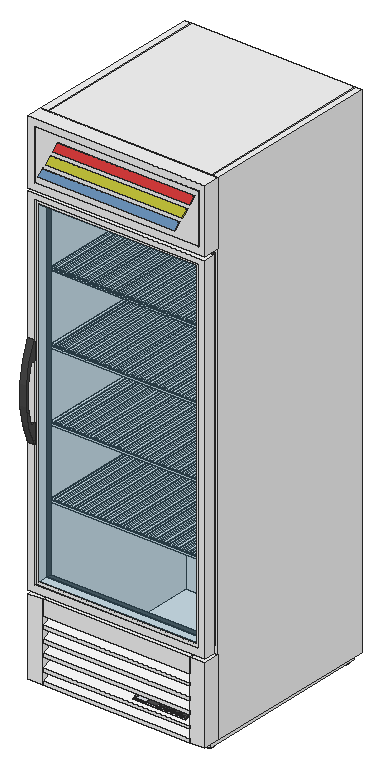
Revit family "QF_TRUE_GDM-23F-HC~TSL01", category Specialty Equipment, Revit 2016
Family settings
  Part Type = Normal
  Round Connector Dimension = Use Diameter
  Work Plane-Based = No
  Always vertical = Yes
  Cut with Voids When Loaded = No
  Shared = No
  Room Calculation Point = No
Parameters
  Weight in Pounds = 350
  Watts = Volts * FL Amps  # 1092.5 W
  Volts = 115 V
  URL Cutsheet = ""
  Specification by User = ""
  Specification by Manufacturer = ""
  Show Logo [instance] = yes
  Show Default Legs [instance] = if(or(Show 6 Inches Standard Legs, Show 2.5 Inches Castors), or(Show 4 Inches Castors, and(Show 6 Inches Standard Legs, Show 2.5 Inches Castors), and(Show 2.5 Inches Castors, Show 6 Inches Seismic Flanged Legs)), if(Show 4 Inches Castors, Show 6 Inches Seismic Flanged Legs, not(Show 6 Inches Seismic Flanged Legs)))  # yes
  Show Clearance [instance] = yes
  Show 6 Inches Standard Legs [instance] = no
  Show 6 Inches Seismic Flanged Legs [instance] = no
  Show 4 Inches Castors [instance] = no
  Show 2.5 Inches Castors [instance] = no
  Serial Number = ""
  Seismic Rating = ""
  SMACNA No = ""
  Revision Code = ""
  Phase = 1
  Number of Poles = 1
  NAFEM Spec ID Number = ""
  Model = "GDM-23F-HC-TSL01"
  Min Ckt Ampacity = 0 A
  Max Overcurrent Protection = 0 A
  Masterspec = ""
  Manufacturer = "TRUE"
  Length = 27"
  Item Number = ""
  Installed By = ""
  Identify Quantity as Lot = yes
  Height [instance] = Body Height + Base Height  # 78 5/8"
  HP = "1"
  Furnished By = ""
  Foodservice Equipment Identifier = yes
  FL Amps = 9.5 A
  Electrical Remarks = ""
  Electric Connection Type = ""
  Elec Conn RI Height = 0"
  Elec Conn Connection Height = 0"
  Description = "SWING DOOR FREEZER WITH HYDROCARBON REFRIGERANT-TRUE STANDARD LOOK VERSION 01"
  Depth = 29 7/8"
  Cycle = 60 Hz
  Conn Plug = "NEMA 5-15P"
  Conn Conduit = yes
  CSI MasterFormat = ""
  Materials and Finishes [instance] = QF_Plastic - Black - Smooth
  Body Height [instance] = 78 5/16"  # constant formula
  Base Height [instance] = if(Show Default Legs, 5/16", if(Show 2.5 Inches Castors, 2 1/2", if(Show 6 Inches Standard Legs, 6", if(Show 4 Inches Castors, 4", if(Show 6 Inches Seismic Flanged Legs, 6", 5" / 16)))))  # 5/16"
  Apparent Power = 0 VA
  6 Inches Standard Legs [instance] = and(Show 6 Inches Standard Legs, not(Show Default Legs))  # no
  6 Inches Seismic Flanged Legs [instance] = and(Show 6 Inches Seismic Flanged Legs, not(Show Default Legs))  # no
  4 Inches Castors [instance] = and(Show 4 Inches Castors, not(Show Default Legs))  # no
  2.5 Inches Castors [instance] = and(Show 2.5 Inches Castors, not(Show Default Legs))  # no
Reference planes (in)
  plane 1 "BACK": y = 0
  plane 2: z = 0
  plane 3 "LEFT": x = 0
  plane 4 "RIGHT": x = 27
  plane 5 "FRONT": y = -29.875
  plane 6 "TOP": z = 78.625
  plane 7 "Center Y": x = 13.5
  plane 8 "Center X": y = -14.9375
  plane 9: z = 0.3125
  plane 10: z = 1.6875
  plane 11: z = 1.6875
  plane 12: y = -54.75
  plane 13: y = -31.5
Dimensions and locks (in)
  equal spacing: plane 3 "LEFT", plane 7 "Center Y", plane 4 "RIGHT"
  "Length": plane 3 "LEFT" to plane 4 "RIGHT"
  equal spacing: plane 5 "FRONT", plane 8 "Center X", plane 1 "BACK"
  "Depth": plane 5 "FRONT" to plane 1 "BACK"
  "Body Height": plane 6 "TOP" to plane 9
  plane 4 "RIGHT" to plane 3 "LEFT" = 27"
  plane 5 "FRONT" to plane 1 "BACK" = 29 7/8"
  "Base Height": plane 9 to level
  plane 10 to plane 9 = 1 3/8"
  plane 12 to plane 1 "BACK" = 54 3/4"
  plane 1 "BACK" to plane 13 = 31 1/2"
  aligned and locked: level to plane 2
  aligned and locked: nested 3 to plane 9
Nested families (in)
  nested 1: "CASTER-LEGS" at (2.5, -2, 0), Show Siesmic Flanged <- "6 Inches Seismic Flanged Legs", Show 6 Inches Legs <- "6 Inches Standard Legs", Show 2.5 Casters <- "2.5 Inches Castors", Show 4" Casters <- "4 Inches Castors", type "CASTER-LEGS"
    with Type Mark "", Status "", Specification by User "", Show Siesmic Flanged no, Show 6" Casters no, Show 6 Inches Legs no, Show 5" Casters no, Show 4" Casters no, Show 2.5 Standard Legs no, Show 2.5 Casters no, Revision Code "", Low Profile yes, Item Number "", Installed By "", Identify Quantity as Lot yes, Furnished By "", Foodservice Equipment Identifier yes
  nested 2: "CASTER-LEGS" at (24.5, -2, 0), Show Siesmic Flanged <- "6 Inches Seismic Flanged Legs", Show 6 Inches Legs <- "6 Inches Standard Legs", Show 2.5 Casters <- "2.5 Inches Castors", Show 4" Casters <- "4 Inches Castors", type "CASTER-LEGS"
    with Type Mark "", Status "", Specification by User "", Show Siesmic Flanged no, Show 6" Casters no, Show 6 Inches Legs no, Show 5" Casters no, Show 4" Casters no, Show 2.5 Standard Legs no, Show 2.5 Casters no, Revision Code "", Low Profile yes, Item Number "", Installed By "", Identify Quantity as Lot yes, Furnished By "", Foodservice Equipment Identifier yes
  nested 3: "GDM-23F-HC-TSL01" at (0, 0, 0), Show Logo <- "Show Logo", Show Default Legs <- "Show Default Legs", Show Clearance <- "Show Clearance", type "GDM-23F-HC-TSL01"
    with Show Logo yes, Show Default Legs yes, Show Clearance yes
  nested 4: "CASTER-LEGS" at (2.5, -25.375, 0), Show Siesmic Flanged <- "6 Inches Seismic Flanged Legs", Show 6 Inches Legs <- "6 Inches Standard Legs", Show 2.5 Casters <- "2.5 Inches Castors", Show 4" Casters <- "4 Inches Castors", type "CASTER-LEGS"
    with Type Mark "", Status "", Specification by User "", Show Siesmic Flanged no, Show 6" Casters no, Show 6 Inches Legs no, Show 5" Casters no, Show 4" Casters no, Show 2.5 Standard Legs no, Show 2.5 Casters no, Revision Code "", Low Profile yes, Item Number "", Installed By "", Identify Quantity as Lot yes, Furnished By "", Foodservice Equipment Identifier yes
  nested 5: "CASTER-LEGS" at (24.5, -25.375, 0), Show Siesmic Flanged <- "6 Inches Seismic Flanged Legs", Show 6 Inches Legs <- "6 Inches Standard Legs", Show 2.5 Casters <- "2.5 Inches Castors", Show 4" Casters <- "4 Inches Castors", type "CASTER-LEGS"
    with Type Mark "", Status "", Specification by User "", Show Siesmic Flanged no, Show 6" Casters no, Show 6 Inches Legs no, Show 5" Casters no, Show 4" Casters no, Show 2.5 Standard Legs no, Show 2.5 Casters no, Revision Code "", Low Profile yes, Item Number "", Installed By "", Identify Quantity as Lot yes, Furnished By "", Foodservice Equipment Identifier yes
Connectors (in)
  electrical at (13.5, 0.125, 7.53489), driven by "Volts", driven by "Watts"
    settings: on nested 3, index 1, voltage 115 V, apparent load 1092.5 VA, apparent load phase1 0 VA, apparent load phase2 0 VA, apparent load phase3 0 VA, power factor 1, load classification "Other", number of poles 1, system type 30, power factor state 1, is connector primary yes, connector utility no, sub classification motor no, connector description "ELECTRICAL CONNECTION"
Definition of nested family "GDM-23F-HC-TSL01"
  Parameters (values of type "GDM-23F-HC-TSL01")
    Weight in Pounds = 0
    Watts = 0 W
    Volts = 0 V
    URL Cutsheet = ""
    Specification by User = ""
    Specification by Manufacturer = ""
    Show Logo [instance] = yes
    Show Default Legs [instance] = yes
    Show Clearance [instance] = yes
    Serial Number = ""
    Seismic Rating = ""
    SMACNA No = ""
    Revision Code = ""
    Phase = 0
    Number of Poles = 1
    NAFEM Spec ID Number = ""
    Model = ""
    Min Ckt Ampacity = 0 A
    Max Overcurrent Protection = 0 A
    Masterspec = ""
    Manufacturer = ""
    Length = 27"
    Item Number = ""
    Installed By = ""
    Identify Quantity as Lot = yes
    Height = 78 5/8"
    HP = ""
    Furnished By = ""
    Foodservice Equipment Identifier = yes
    FL Amps = 0 A
    Electrical Remarks = ""
    Electric Connection Type = ""
    Elec Conn RI Height = 0"
    Elec Conn Connection Height = 0"
    Description = ""
    Depth = 26 1/2"
    Cycle = 0 Hz
    Conn Plug = ""
    Conn Conduit = yes
    CSI MasterFormat = ""
    Body Finish = none
    Apparent Power = 0 VA
  Reference planes (in)
    plane 1 "BACK": y = 0
    plane 2: z = 0
    plane 3 "LEFT": x = 0
    plane 4 "RIGHT": x = 27
    plane 5 "FRONT": y = -26.5
    plane 6 "TOP": z = 78.625
    plane 7 "Center Y": x = 13.5
    plane 8 "Center X": y = -13.25
    plane 9: z = 0.3125
    plane 10: z = 1.6875
    plane 11: z = 1.6875
    plane 12: y = -31.5
    plane 13: y = -29.875
    plane 14: y = -1
    plane 15: y = -54.75
  Forms (in)
    Extrusion 1, solid, not visible
      sketch origin (-6.9261, -175.875, 34.16806) x (-1, 0, 0) y (0, -1, 0)
        loop
          line (-8.70735, -179.875) -> (-8.70735, -153.5) -> (-33.70735, -153.5) -> (-33.70735, -179.875) -> (-8.70735, -179.875)
        loop
          line (-8.95735, -179.625) -> (-8.95735, -153.75) -> (-33.45735, -153.75) -> (-33.45735, -179.625) -> (-8.95735, -179.625)
      from 0 to 0.25
    Extrusion 2, solid, not visible
      sketch origin (0.10937, 4.125, 7.68369) x (1, 0, 0) y (0, 0, 1)
        loop
          circle (10.17187, 26.73438) r 0.125
        loop
          circle (9.67187, 26.73438) r 0.125
        loop
          circle (9.17187, 26.73438) r 0.125
        loop
          circle (8.67187, 26.73438) r 0.125
        loop
          circle (8.17187, 26.73438) r 0.125
        loop
          circle (7.67187, 26.73438) r 0.125
        loop
          circle (7.17187, 26.73438) r 0.125
        loop
          circle (6.67187, 26.73438) r 0.125
        loop
          circle (6.17187, 26.73438) r 0.125
        loop
          circle (5.67187, 26.73438) r 0.125
        loop
          circle (5.17187, 26.73438) r 0.125
        loop
          circle (4.67187, 26.73438) r 0.125
        loop
          circle (4.17187, 26.73438) r 0.125
        loop
          circle (3.67187, 26.73438) r 0.125
        loop
          circle (3.17187, 26.73438) r 0.125
        loop
          circle (2.67187, 26.73438) r 0.125
        loop
          circle (2.17187, 26.73438) r 0.125
        loop
          circle (10.67187, 26.73438) r 0.125
        loop
          circle (11.17187, 26.73438) r 0.125
        loop
          circle (11.67187, 26.73438) r 0.125
        loop
          circle (12.17188, 26.73438) r 0.125
        loop
          circle (14.17188, 26.73438) r 0.125
        loop
          circle (13.67188, 26.73438) r 0.125
        loop
          circle (13.17188, 26.73438) r 0.125
        loop
          circle (12.67188, 26.73438) r 0.125
        loop
          circle (18.17188, 26.73438) r 0.125
        loop
          circle (18.67188, 26.73438) r 0.125
        loop
          circle (19.17188, 26.73438) r 0.125
        loop
          circle (19.67188, 26.73438) r 0.125
        loop
          circle (20.17188, 26.73438) r 0.125
        loop
          circle (20.67188, 26.73438) r 0.125
        loop
          circle (21.17188, 26.73438) r 0.125
        loop
          circle (21.67188, 26.73438) r 0.125
        loop
          circle (22.17188, 26.73438) r 0.125
        loop
          circle (22.67188, 26.73438) r 0.125
        loop
          circle (23.17188, 26.73438) r 0.125
        loop
          circle (23.67188, 26.73438) r 0.125
        loop
          circle (24.17188, 26.73438) r 0.125
        loop
          circle (24.67188, 26.73438) r 0.125
        loop
          circle (25.17188, 26.73438) r 0.125
        loop
          circle (25.67188, 26.73438) r 0.125
        loop
          circle (26.17188, 26.73438) r 0.125
        loop
          circle (17.67188, 26.73438) r 0.125
        loop
          circle (17.17188, 26.73438) r 0.125
        loop
          circle (16.67188, 26.73438) r 0.125
        loop
          circle (16.17188, 26.73438) r 0.125
        loop
          circle (14.67188, 26.73438) r 0.125
        loop
          circle (15.17188, 26.73438) r 0.125
        loop
          circle (15.67188, 26.73438) r 0.125
      from 0.375 to 26.25
    Extrusion 3, solid, material <- "Body Finish"
      sketch origin (0, -31.5, 0) x (1, 0, 0) y (0, 0, 1)
        loop
          line (0, 78.625) -> (0, 68.875) -> (27, 68.875) -> (27, 78.625) -> (0, 78.625)
        loop
          line (1, 77.625) -> (1, 69.875) -> (26, 69.875) -> (26, 77.625) -> (1, 77.625)
      from -1.625 to -4.125
    Extrusion 4, solid, material <- "Body Finish"
      sketch origin (-10.24231, -29.875, 48) x (-1, 0, 0) y (0, 0, 1)
        loop
          line (-37.24231, 20.38229) -> (-37.24231, -34.11771) -> (-10.24231, -34.11771) -> (-10.24231, 20.38229) -> (-37.24231, 20.38229)
        loop
          line (-36.24231, 19.63229) -> (-36.24231, -33.11771) -> (-11.24231, -33.11771) -> (-11.24231, 19.63229) -> (-36.24231, 19.63229)
      from 0 to 1.75251
    Extrusion 5, solid, material <- "Body Finish"
      sketch origin (-10.24231, -29.875, 48) x (-1, 0, 0) y (0, 0, 1)
        loop
          line (-10.24231, -46.3125) -> (-10.24231, -34.61771) -> (-12.49231, -34.61771) -> (-12.49231, -46.3125) -> (-10.24231, -46.3125)
        loop
          line (-37.24231, -46.3125) -> (-34.99231, -46.3125) -> (-34.99231, -34.61771) -> (-37.24231, -34.61771) -> (-37.24231, -46.3125)
      from 0 to 2.5
    Extrusion 6, solid, material <- "Body Finish"
      sketch origin (0, -5, 0) x (1, 0, 0) y (0, 0, 1)
        loop
          line (1.125, 1.6875) -> (1.125, 0.3125) -> (25.875, 0.3125) -> (25.875, 1.6875) -> (1.125, 1.6875)
      from -5 to 22.375
    Extrusion 7, solid, material <- "Body Finish"
      sketch origin (2.25, -29.875, 1.6875) x (0, 0, 1) y (0, -1, 0)
        loop
          line (11.69479, 0) -> (9.44479, 0) -> (9.44479, -2.25) -> (9.31979, -2.25) -> (8.19479, 0) -> (7.69479, 0) -> (8.81979, -2.25) -> (7.38229, -2.25) -> (6.25729, 0) -> (5.75729, 0) -> (6.88229, -2.25) -> (5.44479, -2.25) -> (4.31979, 0) -> (3.81979, 0) -> (4.94479, -2.25) -> (3.44479, -2.25) -> (2.31979, 0) -> (1.81979, 0) -> (2.94479, -2.25) -> (1.625, -2.25) -> (0.5, 0) -> (0, 0) -> (0, -2.5) -> (11.69479, -2.5) -> (11.69479, 0)
      from 0 to 22.5
    Extrusion 8, solid, material <- "Body Finish"
      sketch origin (0, -5, 0) x (0, 1, 0) y (0, 0, 1)
        loop
          line (-22.375, 78.625) -> (-22.375, 1.6875) -> (5, 1.6875) -> (5, 78.625) -> (-22.375, 78.625)
      from 0 to 1
    Extrusion 9, solid, material <- "Body Finish"
      sketch origin (27, -5, 0) x (0, 1, 0) y (0, 0, -1)
        loop
          line (-22.375, -78.625) -> (5, -78.625) -> (5, -1.6875) -> (-22.375, -1.6875) -> (-22.375, -78.625)
      from 0 to 1
    Extrusion 10, solid, material <- "Body Finish"
      sketch origin (1, -5, 0) x (0, 1, 0) y (0, 0, 1)
        loop
          line (5, 78.625) -> (-22.375, 78.625) -> (-22.375, 77.625) -> (4, 77.625) -> (4, 1.6875) -> (5, 1.6875) -> (5, 78.625)
      from 0 to 25
    Extrusion 11, solid
      sketch origin (0.75, -27.75, 0) x (-1, 0, 0) y (0, 0, 1)
        loop
          line (-0.25, 77.625) -> (-25.25, 77.625) -> (-25.25, 69.875) -> (-0.25, 69.875) -> (-0.25, 77.625)
      from -0.37249 to -2.125
    Extrusion 12, solid
      sketch origin (0.75, -29.875, 1.25) x (1, 0, 0) y (0, 0, 1)
        loop
          line (1.91159, 71.75) -> (22.79084, 71.75) -> (23.58841, 73.25) -> (2.70916, 73.25) -> (1.91159, 71.75)
      from 0 to 0.03125
    Extrusion 13, solid
      sketch origin (0.75, -29.875, 0.25) x (1, 0, 0) y (0, 0, 1)
        loop
          line (3.87016, 76.43353) -> (3.07259, 74.93353) -> (23.95185, 74.93353) -> (24.74941, 76.43353) -> (3.87016, 76.43353)
      from 0 to 0.03125
    Extrusion 14, solid
      sketch origin (0.75, -29.875, 2.25) x (1, 0, 0) y (0, 0, 1)
        loop
          line (0.75059, 68.56647) -> (21.62984, 68.56647) -> (22.42741, 70.06647) -> (1.54815, 70.06647) -> (0.75059, 68.56647)
      from 0 to 0.03125
    Extrusion 15, solid, material <- "Body Finish"
      sketch origin (-10.24231, -28.12249, 48) x (-1, 0, 0) y (0, 0, 1)
        loop
          line (-11.24231, 19.63229) -> (-36.24231, 19.63229) -> (-36.24231, -33.11771) -> (-11.24231, -33.11771) -> (-11.24231, 19.63229)
        loop
          line (-35.74231, 19.13229) -> (-35.74231, -32.61771) -> (-11.74231, -32.61771) -> (-11.74231, 19.13229) -> (-35.74231, 19.13229)
      from 0 to -1.5
    Extrusion 16, solid
      sketch origin (-10.24231, -29.62249, 48) x (1, 0, 0) y (0, 0, 1)
        loop
          line (11.74231, -32.61771) -> (35.74231, -32.61771) -> (35.74231, 19.13229) -> (11.74231, 19.13229) -> (11.74231, -32.61771)
      from 0 to -0.125
    Extrusion 17, solid
      sketch origin (0.375, -3.59375, 24.16366) x (0, 1, 0) y (0, 0, 1)
        loop
          arc (-26.28125, 24.2861) -> (-27.90626, 17.09363) -> (-26.28125, 9.90116) r 16.72986
          line (-26.28125, 9.90116) -> (-26.28125, 12.85144) -> (-27.1009, 12.85144)
          arc (-27.1009, 12.85144) -> (-27.65626, 17.09363) -> (-27.1009, 21.33582) r 16.47986
          line (-27.1009, 21.33582) -> (-26.28125, 21.33582) -> (-26.28125, 24.2861)
      from -0.375 to 0.625
    Extrusion 18, solid
      sketch origin (-7.70735, -180.875, 25.30729) x (-1, 0, 0) y (0, -1, 0)
        loop
          line (-8.70735, -179.875) -> (-8.70735, -153.5) -> (-33.70735, -153.5) -> (-33.70735, -179.875) -> (-8.70735, -179.875)
        loop
          line (-8.95735, -179.625) -> (-8.95735, -153.75) -> (-33.45735, -153.75) -> (-33.45735, -179.625) -> (-8.95735, -179.625)
      from 0 to 0.25
    Extrusion 19, solid
      sketch origin (-0.67188, -0.875, -1.17709) x (1, 0, 0) y (0, 0, 1)
        loop
          circle (10.17187, 26.73438) r 0.125
        loop
          circle (9.67187, 26.73438) r 0.125
        loop
          circle (9.17187, 26.73438) r 0.125
        loop
          circle (8.67187, 26.73438) r 0.125
        loop
          circle (8.17187, 26.73438) r 0.125
        loop
          circle (7.67187, 26.73438) r 0.125
        loop
          circle (7.17187, 26.73438) r 0.125
        loop
          circle (6.67187, 26.73438) r 0.125
        loop
          circle (6.17187, 26.73438) r 0.125
        loop
          circle (5.67187, 26.73438) r 0.125
        loop
          circle (5.17187, 26.73438) r 0.125
        loop
          circle (4.67187, 26.73438) r 0.125
        loop
          circle (4.17187, 26.73438) r 0.125
        loop
          circle (3.67187, 26.73438) r 0.125
        loop
          circle (3.17187, 26.73438) r 0.125
        loop
          circle (2.67187, 26.73438) r 0.125
        loop
          circle (2.17187, 26.73438) r 0.125
        loop
          circle (10.67187, 26.73438) r 0.125
        loop
          circle (11.17187, 26.73438) r 0.125
        loop
          circle (11.67187, 26.73438) r 0.125
        loop
          circle (12.17188, 26.73438) r 0.125
        loop
          circle (14.17188, 26.73438) r 0.125
        loop
          circle (13.67188, 26.73438) r 0.125
        loop
          circle (13.17188, 26.73438) r 0.125
        loop
          circle (12.67188, 26.73438) r 0.125
        loop
          circle (18.17188, 26.73438) r 0.125
        loop
          circle (18.67188, 26.73438) r 0.125
        loop
          circle (19.17188, 26.73438) r 0.125
        loop
          circle (19.67188, 26.73438) r 0.125
        loop
          circle (20.17188, 26.73438) r 0.125
        loop
          circle (20.67188, 26.73438) r 0.125
        loop
          circle (21.17188, 26.73438) r 0.125
        loop
          circle (21.67188, 26.73438) r 0.125
        loop
          circle (22.17188, 26.73438) r 0.125
        loop
          circle (22.67188, 26.73438) r 0.125
        loop
          circle (23.17188, 26.73438) r 0.125
        loop
          circle (23.67188, 26.73438) r 0.125
        loop
          circle (24.17188, 26.73438) r 0.125
        loop
          circle (24.67188, 26.73438) r 0.125
        loop
          circle (25.17188, 26.73438) r 0.125
        loop
          circle (25.67188, 26.73438) r 0.125
        loop
          circle (26.17188, 26.73438) r 0.125
        loop
          circle (17.67188, 26.73438) r 0.125
        loop
          circle (17.17188, 26.73438) r 0.125
        loop
          circle (16.67188, 26.73438) r 0.125
        loop
          circle (16.17188, 26.73438) r 0.125
        loop
          circle (14.67188, 26.73438) r 0.125
        loop
          circle (15.17188, 26.73438) r 0.125
        loop
          circle (15.67188, 26.73438) r 0.125
      from 0.375 to 26.25
    Extrusion 20, solid
      sketch origin (-7.70735, -180.875, 35.85729) x (-1, 0, 0) y (0, -1, 0)
        loop
          line (-8.70735, -179.875) -> (-8.70735, -153.5) -> (-33.70735, -153.5) -> (-33.70735, -179.875) -> (-8.70735, -179.875)
        loop
          line (-8.95735, -179.625) -> (-8.95735, -153.75) -> (-33.45735, -153.75) -> (-33.45735, -179.625) -> (-8.95735, -179.625)
      from 0 to 0.25
    Extrusion 21, solid
      sketch origin (-0.67188, -0.875, 9.37291) x (1, 0, 0) y (0, 0, 1)
        loop
          circle (10.17187, 26.73438) r 0.125
        loop
          circle (9.67187, 26.73438) r 0.125
        loop
          circle (9.17187, 26.73438) r 0.125
        loop
          circle (8.67187, 26.73438) r 0.125
        loop
          circle (8.17187, 26.73438) r 0.125
        loop
          circle (7.67187, 26.73438) r 0.125
        loop
          circle (7.17187, 26.73438) r 0.125
        loop
          circle (6.67187, 26.73438) r 0.125
        loop
          circle (6.17187, 26.73438) r 0.125
        loop
          circle (5.67187, 26.73438) r 0.125
        loop
          circle (5.17187, 26.73438) r 0.125
        loop
          circle (4.67187, 26.73438) r 0.125
        loop
          circle (4.17187, 26.73438) r 0.125
        loop
          circle (3.67187, 26.73438) r 0.125
        loop
          circle (3.17187, 26.73438) r 0.125
        loop
          circle (2.67187, 26.73438) r 0.125
        loop
          circle (2.17187, 26.73438) r 0.125
        loop
          circle (10.67187, 26.73438) r 0.125
        loop
          circle (11.17187, 26.73438) r 0.125
        loop
          circle (11.67187, 26.73438) r 0.125
        loop
          circle (12.17188, 26.73438) r 0.125
        loop
          circle (14.17188, 26.73438) r 0.125
        loop
          circle (13.67188, 26.73438) r 0.125
        loop
          circle (13.17188, 26.73438) r 0.125
        loop
          circle (12.67188, 26.73438) r 0.125
        loop
          circle (18.17188, 26.73438) r 0.125
        loop
          circle (18.67188, 26.73438) r 0.125
        loop
          circle (19.17188, 26.73438) r 0.125
        loop
          circle (19.67188, 26.73438) r 0.125
        loop
          circle (20.17188, 26.73438) r 0.125
        loop
          circle (20.67188, 26.73438) r 0.125
        loop
          circle (21.17188, 26.73438) r 0.125
        loop
          circle (21.67188, 26.73438) r 0.125
        loop
          circle (22.17188, 26.73438) r 0.125
        loop
          circle (22.67188, 26.73438) r 0.125
        loop
          circle (23.17188, 26.73438) r 0.125
        loop
          circle (23.67188, 26.73438) r 0.125
        loop
          circle (24.17188, 26.73438) r 0.125
        loop
          circle (24.67188, 26.73438) r 0.125
        loop
          circle (25.17188, 26.73438) r 0.125
        loop
          circle (25.67188, 26.73438) r 0.125
        loop
          circle (26.17188, 26.73438) r 0.125
        loop
          circle (17.67188, 26.73438) r 0.125
        loop
          circle (17.17188, 26.73438) r 0.125
        loop
          circle (16.67188, 26.73438) r 0.125
        loop
          circle (16.17188, 26.73438) r 0.125
        loop
          circle (14.67188, 26.73438) r 0.125
        loop
          circle (15.17188, 26.73438) r 0.125
        loop
          circle (15.67188, 26.73438) r 0.125
      from 0.375 to 26.25
    Extrusion 22, solid
      sketch origin (-7.70735, -180.875, 46.40729) x (-1, 0, 0) y (0, -1, 0)
        loop
          line (-8.70735, -179.875) -> (-8.70735, -153.5) -> (-33.70735, -153.5) -> (-33.70735, -179.875) -> (-8.70735, -179.875)
        loop
          line (-8.95735, -179.625) -> (-8.95735, -153.75) -> (-33.45735, -153.75) -> (-33.45735, -179.625) -> (-8.95735, -179.625)
      from 0 to 0.25
    Extrusion 23, solid
      sketch origin (-0.67188, -0.875, 19.92291) x (1, 0, 0) y (0, 0, 1)
        loop
          circle (10.17187, 26.73438) r 0.125
        loop
          circle (9.67187, 26.73438) r 0.125
        loop
          circle (9.17187, 26.73438) r 0.125
        loop
          circle (8.67187, 26.73438) r 0.125
        loop
          circle (8.17187, 26.73438) r 0.125
        loop
          circle (7.67187, 26.73438) r 0.125
        loop
          circle (7.17187, 26.73438) r 0.125
        loop
          circle (6.67187, 26.73438) r 0.125
        loop
          circle (6.17187, 26.73438) r 0.125
        loop
          circle (5.67187, 26.73438) r 0.125
        loop
          circle (5.17187, 26.73438) r 0.125
        loop
          circle (4.67187, 26.73438) r 0.125
        loop
          circle (4.17187, 26.73438) r 0.125
        loop
          circle (3.67187, 26.73438) r 0.125
        loop
          circle (3.17187, 26.73438) r 0.125
        loop
          circle (2.67187, 26.73438) r 0.125
        loop
          circle (2.17187, 26.73438) r 0.125
        loop
          circle (10.67187, 26.73438) r 0.125
        loop
          circle (11.17187, 26.73438) r 0.125
        loop
          circle (11.67187, 26.73438) r 0.125
        loop
          circle (12.17188, 26.73438) r 0.125
        loop
          circle (14.17188, 26.73438) r 0.125
        loop
          circle (13.67188, 26.73438) r 0.125
        loop
          circle (13.17188, 26.73438) r 0.125
        loop
          circle (12.67188, 26.73438) r 0.125
        loop
          circle (18.17188, 26.73438) r 0.125
        loop
          circle (18.67188, 26.73438) r 0.125
        loop
          circle (19.17188, 26.73438) r 0.125
        loop
          circle (19.67188, 26.73438) r 0.125
        loop
          circle (20.17188, 26.73438) r 0.125
        loop
          circle (20.67188, 26.73438) r 0.125
        loop
          circle (21.17188, 26.73438) r 0.125
        loop
          circle (21.67188, 26.73438) r 0.125
        loop
          circle (22.17188, 26.73438) r 0.125
        loop
          circle (22.67188, 26.73438) r 0.125
        loop
          circle (23.17188, 26.73438) r 0.125
        loop
          circle (23.67188, 26.73438) r 0.125
        loop
          circle (24.17188, 26.73438) r 0.125
        loop
          circle (24.67188, 26.73438) r 0.125
        loop
          circle (25.17188, 26.73438) r 0.125
        loop
          circle (25.67188, 26.73438) r 0.125
        loop
          circle (26.17188, 26.73438) r 0.125
        loop
          circle (17.67188, 26.73438) r 0.125
        loop
          circle (17.17188, 26.73438) r 0.125
        loop
          circle (16.67188, 26.73438) r 0.125
        loop
          circle (16.17188, 26.73438) r 0.125
        loop
          circle (14.67188, 26.73438) r 0.125
        loop
          circle (15.17188, 26.73438) r 0.125
        loop
          circle (15.67188, 26.73438) r 0.125
      from 0.375 to 26.25
    Extrusion 24, solid
      sketch origin (-7.70735, -180.875, 56.95729) x (-1, 0, 0) y (0, -1, 0)
        loop
          line (-8.70735, -179.875) -> (-8.70735, -153.5) -> (-33.70735, -153.5) -> (-33.70735, -179.875) -> (-8.70735, -179.875)
        loop
          line (-8.95735, -179.625) -> (-8.95735, -153.75) -> (-33.45735, -153.75) -> (-33.45735, -179.625) -> (-8.95735, -179.625)
      from 0 to 0.25
    Extrusion 25, solid
      sketch origin (-0.67188, -0.875, 30.47291) x (1, 0, 0) y (0, 0, 1)
        loop
          circle (10.17187, 26.73438) r 0.125
        loop
          circle (9.67187, 26.73438) r 0.125
        loop
          circle (9.17187, 26.73438) r 0.125
        loop
          circle (8.67187, 26.73438) r 0.125
        loop
          circle (8.17187, 26.73438) r 0.125
        loop
          circle (7.67187, 26.73438) r 0.125
        loop
          circle (7.17187, 26.73438) r 0.125
        loop
          circle (6.67187, 26.73438) r 0.125
        loop
          circle (6.17187, 26.73438) r 0.125
        loop
          circle (5.67187, 26.73438) r 0.125
        loop
          circle (5.17187, 26.73438) r 0.125
        loop
          circle (4.67187, 26.73438) r 0.125
        loop
          circle (4.17187, 26.73438) r 0.125
        loop
          circle (3.67187, 26.73438) r 0.125
        loop
          circle (3.17187, 26.73438) r 0.125
        loop
          circle (2.67187, 26.73438) r 0.125
        loop
          circle (2.17187, 26.73438) r 0.125
        loop
          circle (10.67187, 26.73438) r 0.125
        loop
          circle (11.17187, 26.73438) r 0.125
        loop
          circle (11.67187, 26.73438) r 0.125
        loop
          circle (12.17188, 26.73438) r 0.125
        loop
          circle (14.17188, 26.73438) r 0.125
        loop
          circle (13.67188, 26.73438) r 0.125
        loop
          circle (13.17188, 26.73438) r 0.125
        loop
          circle (12.67188, 26.73438) r 0.125
        loop
          circle (18.17188, 26.73438) r 0.125
        loop
          circle (18.67188, 26.73438) r 0.125
        loop
          circle (19.17188, 26.73438) r 0.125
        loop
          circle (19.67188, 26.73438) r 0.125
        loop
          circle (20.17188, 26.73438) r 0.125
        loop
          circle (20.67188, 26.73438) r 0.125
        loop
          circle (21.17188, 26.73438) r 0.125
        loop
          circle (21.67188, 26.73438) r 0.125
        loop
          circle (22.17188, 26.73438) r 0.125
        loop
          circle (22.67188, 26.73438) r 0.125
        loop
          circle (23.17188, 26.73438) r 0.125
        loop
          circle (23.67188, 26.73438) r 0.125
        loop
          circle (24.17188, 26.73438) r 0.125
        loop
          circle (24.67188, 26.73438) r 0.125
        loop
          circle (25.17188, 26.73438) r 0.125
        loop
          circle (25.67188, 26.73438) r 0.125
        loop
          circle (26.17188, 26.73438) r 0.125
        loop
          circle (17.67188, 26.73438) r 0.125
        loop
          circle (17.17188, 26.73438) r 0.125
        loop
          circle (16.67188, 26.73438) r 0.125
        loop
          circle (16.17188, 26.73438) r 0.125
        loop
          circle (14.67188, 26.73438) r 0.125
        loop
          circle (15.17188, 26.73438) r 0.125
        loop
          circle (15.67188, 26.73438) r 0.125
      from 0.375 to 26.25
    Extrusion 26, solid, visible <- "Show Default Legs"
      sketch origin (24.83359, -5, 0.3125) x (0, 1, 0) y (1, 0, 0)
        loop
          circle (4.29289, -23.00148) r 0.5
        loop
          circle (4.29289, 0.3343) r 0.5
        loop
          circle (-21.625, -23.00148) r 0.5
        loop
          circle (-21.625, 0.3343) r 0.5
      from 0 to 0.3125
    Extrusion 27, solid, visible <- "Show Clearance", detail levels coarse
      sketch origin (27, -29.875, 68.38229) x (-1, 0, 0) y (0, -1, 0)
        loop
          line (0, 0) -> (27, 0)
          arc (27, 0) -> (18.77019, 18.35528) -> (0, 25.58894) r 26.40798
          line (0, 25.58894) -> (0, 0)
      from 0 to -54.5
    Extrusion 28, solid
      sketch origin (-10.24231, -28.12249, 48) x (-1, 0, 0) y (0, 0, 1)
        loop
          line (-35.74231, 19.13229) -> (-35.74231, -32.61771) -> (-11.74231, -32.61771) -> (-11.74231, 19.13229) -> (-35.74231, 19.13229)
        loop
          line (-36.74231, -33.61771) -> (-10.74231, -33.61771) -> (-10.74231, 20.13229) -> (-36.74231, 20.13229) -> (-36.74231, -33.61771)
      from 0 to 0.74749
    Extrusion 29, solid, material <- "Body Finish"
      sketch origin (0, 0, 0) x (1, 0, 0) y (0, 0, 1)
        loop
          circle (13.5, 7.53489) r 0.25
      from 0 to -0.125
  Lines and regions (in)
    symbolic lines
      curve 1: line (0, -29.875, 0) -> (27, -29.875, 0)
      curve 2: line (0, 0, 0) -> (0, -31.50001, 0)
      curve 3: line (27, 0, 0) -> (0, 0, 0)
      curve 4: line (27, -29.875, 0) -> (27, 0, 0)
      curve 5: line (1, -31.50001, 0) -> (0, -31.50001, 0)
      curve 6: line (1, -31.50001, 0) -> (1, -29.875, 0)
      curve 7: line (0, -27.375, 0) -> (27, -27.375, 0)
      curve 8: line (1, -27.375, 0) -> (1, 0, 0)
      curve 9: line (26, -27.375, 0) -> (26, 0, 0)
      curve 10: line (27, -29.875, 0) -> (4.36736, -42.94196, 0)
      curve 11: arc (0, -29.875, 0) -> (1.31776, -36.6979, 0) -> (4.36736, -42.94196, 0) r 26.44471
  Dimensions and locks (in)
    equal spacing: plane 3 "LEFT", plane 7 "Center Y", plane 4 "RIGHT"
    "Length": plane 3 "LEFT" to plane 4 "RIGHT"
    equal spacing: plane 5 "FRONT", plane 8 "Center X", plane 1 "BACK"
    "Depth": plane 5 "FRONT" to plane 1 "BACK"
    "Height": plane 6 "TOP" to level
    plane 4 "RIGHT" to plane 3 "LEFT" = 27"
    plane 5 "FRONT" to plane 1 "BACK" = 26 1/2"
    plane 9 to level = 5/16"
    plane 6 "TOP" to plane 10 = 76 15/16"
    plane 10 to plane 9 = 1 3/8"
    plane 1 "BACK" to plane 12 = 31 1/2"
    plane 13 to plane 1 "BACK" = 29 7/8"
    plane 15 to plane 1 "BACK" = 54 3/4"
    equal spacing: Extrusion 5, Extrusion 29 sketch curve, Extrusion 5
    aligned and locked: level to plane 2
  Automatic sketch dimensions
    Extrusion 4 sketch curve to Extrusion 4 sketch curve = 1"  (x3)
    Extrusion 5 sketch curve to Extrusion 5 sketch curve = 2 1/4"  (x2)
    Extrusion 7 sketch curve to Extrusion 5 = 0"  (x8)
    Extrusion 5 to Extrusion 7 sketch curve = 0"
    Extrusion 7 sketch curve to Extrusion 7 sketch curve = 1/2"  (x9)
    Extrusion 5 to Extrusion 7 sketch curve = 1/4"  (x5)
    Extrusion 7 sketch curve to Extrusion 5 = 1 5/8"
    Extrusion 7 sketch curve to Extrusion 7 sketch curve = 1.31979"  (x2)
    Extrusion 7 sketch curve to Extrusion 7 sketch curve = 1 1/2"  (x2)
    Extrusion 7 sketch curve to Extrusion 7 sketch curve = 1 7/16"  (x4)
    Extrusion 7 sketch curve to Extrusion 7 sketch curve = 1/8"
    Extrusion 12 sketch curve to Extrusion 11 = 1.66159"  (x2)
    Extrusion 12 sketch curve to Extrusion 12 sketch curve = 0.79756"
    Extrusion 12 sketch curve to Extrusion 11 = 2.45916"
    Extrusion 12 sketch curve to Extrusion 11 = 3 1/8"
    Extrusion 12 sketch curve to Extrusion 12 sketch curve = 1 1/2"
    Extrusion 13 sketch curve to Extrusion 11 = 2.82259"
    Extrusion 13 sketch curve to Extrusion 11 = 0.94147"
    Extrusion 13 sketch curve to Extrusion 13 sketch curve = 0.79756"
    Extrusion 13 sketch curve to Extrusion 11 = 1.29815"
    Extrusion 13 sketch curve to Extrusion 11 = 0.50059"
    Extrusion 13 sketch curve to Extrusion 13 sketch curve = 1 1/2"
    Extrusion 14 sketch curve to Extrusion 11 = 0.50059"
    Extrusion 14 sketch curve to Extrusion 11 = 1.29815"
    Extrusion 14 sketch curve to Extrusion 11 = 0.94147"
    Extrusion 14 sketch curve to Extrusion 11 = 3.62016"
    Extrusion 14 sketch curve to Extrusion 14 sketch curve = 0.79756"
    Extrusion 14 sketch curve to Extrusion 14 sketch curve = 1 1/2"
    Extrusion 4 to Extrusion 15 sketch curve = 0"
    Extrusion 15 sketch curve to Extrusion 4 = 0"  (x3)
    Extrusion 4 to Extrusion 15 sketch curve = 1/2"  (x4)
    Extrusion 16 sketch curve to Extrusion 15 = 0"  (x3)
    Extrusion 15 to Extrusion 16 sketch curve = 0"
    Extrusion 17 sketch curve to Extrusion 17 sketch curve = 0"  (x5)
    Extrusion 17 sketch curve to Extrusion 17 sketch curve = 2.95028"
    Extrusion 17 sketch curve to Extrusion 17 sketch curve = 4 31/128"
    Extrusion 3 sketch curve to Extrusion 3 sketch curve = 7 3/4"
    Extrusion 3 sketch curve to Extrusion 3 sketch curve = 1"  (x4)
    Extrusion 4 sketch curve to Extrusion 4 sketch curve = 3/4"
    Extrusion 11 sketch curve to Extrusion 11 sketch curve = 7 3/4"
    Extrusion 5 sketch curve to Extrusion 5 sketch curve = 11.69479"  (x2)
    Extrusion 19 sketch curve to Extrusion 19 sketch curve = 1/2"  (x48)
    Extrusion 19 sketch curve to Extrusion 19 sketch curve = 0"  (x48)
    Extrusion 21 sketch curve to Extrusion 21 sketch curve = 1/2"  (x48)
    Extrusion 21 sketch curve to Extrusion 21 sketch curve = 0"  (x48)
    Extrusion 23 sketch curve to Extrusion 23 sketch curve = 1/2"  (x48)
    Extrusion 23 sketch curve to Extrusion 23 sketch curve = 0"  (x48)
    Extrusion 25 sketch curve to Extrusion 25 sketch curve = 1/2"  (x48)
    Extrusion 25 sketch curve to Extrusion 25 sketch curve = 0"  (x48)
    Extrusion 26 sketch curve to Extrusion 6 = 3/4"  (x2)
    Extrusion 26 sketch curve to Extrusion 6 = 0.70711"  (x4)
    Extrusion 6 to Extrusion 26 sketch curve = 0.70711"  (x2)
    Extrusion 17 sketch curve to Extrusion 17 sketch curve = 0.81965"  (x2)
    Extrusion 3 sketch curve to Extrusion 3 sketch curve = 25"
    Extrusion 4 sketch curve to Extrusion 4 sketch curve = 25"
    Extrusion 4 sketch curve to Extrusion 4 sketch curve = 52 3/4"
    Extrusion 5 sketch curve to Extrusion 5 sketch curve = 22 1/2"
    Extrusion 5 sketch curve to Extrusion 5 sketch curve = 0"
    Extrusion 6 sketch curve to Extrusion 6 sketch curve = 24 3/4"
    Extrusion 6 sketch curve to Extrusion 6 sketch curve = 1 3/8"
    Extrusion 8 sketch curve to Extrusion 8 sketch curve = 27 3/8"
    Extrusion 8 sketch curve to Extrusion 8 sketch curve = 76 15/16"
    Extrusion 9 sketch curve to Extrusion 9 sketch curve = 27 3/8"
    Extrusion 9 sketch curve to Extrusion 9 sketch curve = 76 15/16"
    Extrusion 11 sketch curve to Extrusion 11 sketch curve = 25"
    Extrusion 17 sketch curve to Extrusion 17 sketch curve = 15.10485"
    Extrusion 10 sketch curve to Extrusion 8 = 0"  (x3)
    Extrusion 8 to Extrusion 10 sketch curve = 0"
    Extrusion 10 sketch curve to Extrusion 8 = 1"  (x2)
    Extrusion 24 sketch curve to Extrusion 24 sketch curve = 1/4"  (x4)
    Extrusion 24 sketch curve to Extrusion 24 sketch curve = 24 1/2"
    Extrusion 24 sketch curve to Extrusion 24 sketch curve = 25 7/8"
    Extrusion 1 sketch curve to Extrusion 1 sketch curve = 1/4"  (x4)
    Extrusion 1 sketch curve to Extrusion 1 sketch curve = 24 1/2"
    Extrusion 1 sketch curve to Extrusion 1 sketch curve = 25 7/8"
    Extrusion 18 sketch curve to Extrusion 18 sketch curve = 1/4"  (x4)
    Extrusion 18 sketch curve to Extrusion 18 sketch curve = 24 1/2"
    Extrusion 18 sketch curve to Extrusion 18 sketch curve = 25 7/8"
    Extrusion 20 sketch curve to Extrusion 20 sketch curve = 1/4"  (x4)
    Extrusion 20 sketch curve to Extrusion 20 sketch curve = 24 1/2"
    Extrusion 20 sketch curve to Extrusion 20 sketch curve = 25 7/8"
    Extrusion 22 sketch curve to Extrusion 22 sketch curve = 1/4"  (x4)
    Extrusion 22 sketch curve to Extrusion 22 sketch curve = 24 1/2"
    Extrusion 22 sketch curve to Extrusion 22 sketch curve = 25 7/8"
    Extrusion 3 sketch curve to plane 3 "LEFT" = 0"
    Extrusion 3 sketch curve to plane 6 "TOP" = 0"
    plane 4 "RIGHT" to Extrusion 4 sketch curve = 0"
    plane 10 to Extrusion 4 sketch curve = 12.19479"
    plane 4 "RIGHT" to Extrusion 5 sketch curve = 0"
    Extrusion 5 sketch curve to plane 10 = 0"
    Extrusion 6 sketch curve to plane 9 = 0"
    plane 3 "LEFT" to Extrusion 6 sketch curve = 1 1/8"
    Extrusion 8 sketch curve to plane 10 = 0"
    Extrusion 8 sketch curve to plane 1 "BACK" = 0"
    Extrusion 9 sketch curve to plane 10 = 0"
    Extrusion 9 sketch curve to plane 1 "BACK" = 0"
    plane 4 "RIGHT" to Extrusion 11 sketch curve = 1"
    Extrusion 11 sketch curve to plane 6 "TOP" = 8 3/4"
    Extrusion 17 sketch curve to plane 13 = 0"
    plane 10 to Extrusion 17 sketch curve = 32.37732"
    curve 1 to plane 3 "LEFT" = 0"
    plane 1 "BACK" to curve 8 = 0"
    plane 13 to curve 6 = 0"
    curve 10 to plane 4 "RIGHT" = 0"
    curve 5 to plane 12 = 0"
    plane 3 "LEFT" to curve 5 = 1"
    plane 3 "LEFT" to curve 10 = 4.36736"
    plane 4 "RIGHT" to curve 11 = 0.60134"
    curve 10 to plane 12 = 11.44196"
    plane 3 "LEFT" to curve 8 = 1"
    plane 4 "RIGHT" to curve 9 = 1"
    plane 5 "FRONT" to curve 8 = 7/8"
    Extrusion 27 sketch curve to Extrusion 4 = 0"  (x3)
    Extrusion 4 to Extrusion 27 sketch curve = 0.60451"
    Extrusion 4 to Extrusion 27 sketch curve = 0.94038"
    Extrusion 4 to Extrusion 28 sketch curve = 1/2"  (x4)
    Extrusion 28 sketch curve to Extrusion 28 sketch curve = 1"  (x4)
    Extrusion 29 sketch curve to plane 7 "Center Y" = 0"
    radius of Extrusion 19 sketch curve = 1/8"  (x49)
    radius of Extrusion 21 sketch curve = 1/8"  (x49)
    radius of Extrusion 23 sketch curve = 1/8"  (x49)
    radius of Extrusion 25 sketch curve = 1/8"  (x49)
    radius of Extrusion 26 sketch curve = 1/2"  (x4)
    radius of Extrusion 29 sketch curve = 1/4"
  Nested families (in)
    nested 1: "QF_LOGO_TRUE" at (15.65, -29.42253, 4.23352), Show Logo <- "Show Logo", type "QF_LOGO_TRUE", detail levels medium+fine
      with Show Logo yes
  Definition of nested family "QF_LOGO_TRUE"
    Parameters (values of type "QF_LOGO_TRUE")
      Show Logo [instance] = yes
    Reference planes (in)
      plane 1 "Center (Front/Back)": y = 0
      plane 2: z = 0
      plane 3 "Center (Left/Right)": x = 0
    Forms (in)
      Extrusion 1, solid, visible <- "Show Logo"
        sketch origin (-78.34647, -11.73983, -44.74286) x (1, 0, 0) y (0, 0.894428, 0.447213)
          loop
            line (81.15226, 31.65456) -> (81.07353, 31.48573) -> (82.12083, 31.48573)
            arc (82.12083, 31.48573) -> (82.14208, 31.44814) -> (82.12083, 31.41055) r 0.04386
            line (82.12083, 31.41055) -> (81.84767, 30.82478)
            arc (81.84767, 30.82478) -> (81.84531, 30.77052) -> (81.882, 30.73048) r 0.07096
            line (81.882, 30.73048) -> (82.55165, 30.73048)
            arc (82.55165, 30.73048) -> (82.63621, 30.75714) -> (82.69019, 30.82748) r 0.14742
            line (82.69019, 30.82748) -> (82.90515, 31.28847) -> (83.10265, 31.28847)
            arc (83.10265, 31.28847) -> (83.15447, 31.26942) -> (83.14697, 31.21472) r 0.04405
            line (83.14697, 31.21472) -> (82.9671, 30.82899)
            arc (82.9671, 30.82899) -> (82.9699, 30.76493) -> (83.02398, 30.73048) r 0.06943
            line (83.02398, 30.73048) -> (83.6124, 30.73048)
            arc (83.6124, 30.73048) -> (83.65748, 30.74689) -> (83.68147, 30.78844) r 0.07014
            arc (83.68147, 30.78844) -> (83.69845, 30.74745) -> (83.73943, 30.73048) r 0.05796
            line (83.73943, 30.73048) -> (84.112, 30.73048)
            arc (84.112, 30.73048) -> (84.15504, 30.74201) -> (84.18655, 30.77352) r 0.08608
            arc (84.18655, 30.77352) -> (84.20164, 30.7371) -> (84.23806, 30.72202) r 0.0515
            line (84.23806, 30.72202) -> (84.76757, 30.72202)
            arc (84.76757, 30.72202) -> (84.81086, 30.73995) -> (84.8288, 30.78324) r 0.06122
            arc (84.8288, 30.78324) -> (84.86848, 30.74355) -> (84.92269, 30.72903) r 0.10842
            line (84.92269, 30.72903) -> (85.91461, 30.72903) -> (86.02479, 30.91987) -> (85.0243, 30.91987)
            arc (85.0243, 30.91987) -> (84.99669, 30.93902) -> (84.99566, 30.97261) r 0.03732
            line (84.99566, 30.97261) -> (85.01297, 31.00972)
            arc (85.01297, 31.00972) -> (85.03954, 31.04453) -> (85.0813, 31.05774) r 0.07263
            line (85.0813, 31.05774) -> (85.40289, 31.05774)
            arc (85.40289, 31.05774) -> (85.4723, 31.07633) -> (85.52311, 31.12715) r 0.13882
            line (85.52311, 31.12715) -> (85.61625, 31.28847)
            arc (85.61625, 31.28847) -> (85.61625, 31.37458) -> (85.54168, 31.41763) r 0.08611
            line (85.54168, 31.41763) -> (85.20227, 31.41763)
            arc (85.20227, 31.41763) -> (85.11574, 31.40294) -> (85.05538, 31.33923) r 0.13863
            line (85.05538, 31.33923) -> (84.89409, 30.99333)
            arc (84.89409, 30.99333) -> (84.84649, 30.9313) -> (84.77191, 30.90778) r 0.13002
            line (84.77191, 30.90778) -> (84.41984, 30.90778)
            arc (84.41984, 30.90778) -> (84.3777, 30.95378) -> (84.38042, 31.0161) r 0.08151
            line (84.38042, 31.0161) -> (84.56766, 31.41763) -> (84.44849, 31.41763) -> (84.25012, 30.99222)
            arc (84.25012, 30.99222) -> (84.21158, 30.94199) -> (84.15119, 30.92296) r 0.10527
            line (84.15119, 30.92296) -> (83.90842, 30.92296)
            arc (83.90842, 30.92296) -> (83.8674, 30.97642) -> (83.87619, 31.04323) r 0.08805
            line (83.87619, 31.04323) -> (84.05078, 31.41763) -> (83.92772, 31.41763) -> (83.72676, 30.98668)
            arc (83.72676, 30.98668) -> (83.68011, 30.94003) -> (83.61639, 30.92296) r 0.12745
            line (83.61639, 30.92296) -> (83.26484, 30.92296)
            arc (83.26484, 30.92296) -> (83.2017, 30.9524) -> (83.19563, 31.0218) r 0.06967
            line (83.19563, 31.0218) -> (83.31118, 31.26961) -> (83.47452, 31.26961)
            arc (83.47452, 31.26961) -> (83.50209, 31.35268) -> (83.56075, 31.41763) r 0.21289
            line (83.56075, 31.41763) -> (82.92244, 31.41763)
            arc (82.92244, 31.41763) -> (82.85151, 31.40191) -> (82.80242, 31.34834) r 0.12081
            line (82.80242, 31.34834) -> (82.6294, 30.9773)
            arc (82.6294, 30.9773) -> (82.58962, 30.93752) -> (82.53528, 30.92296) r 0.10869
            line (82.53528, 30.92296) -> (82.1542, 30.92296)
            arc (82.1542, 30.92296) -> (82.12446, 30.96315) -> (82.13012, 31.01283) r 0.06822
            line (82.13012, 31.01283) -> (82.38156, 31.48573) -> (83.01596, 31.48573) -> (83.09469, 31.65456) -> (82.46029, 31.65456) -> (82.53902, 31.8234) -> (82.31334, 31.8234) -> (82.23461, 31.65456) -> (81.15226, 31.65456)
          loop
            arc (85.15937, 31.26434) -> (85.13191, 31.25698) -> (85.1118, 31.23688) r 0.05494
            line (85.1118, 31.23688) -> (85.09547, 31.18665)
            arc (85.09547, 31.18665) -> (85.10304, 31.16837) -> (85.12133, 31.16079) r 0.02586
            line (85.12133, 31.16079) -> (85.39889, 31.16079)
            arc (85.39889, 31.16079) -> (85.41888, 31.16523) -> (85.43513, 31.1777) r 0.04731
            line (85.43513, 31.1777) -> (85.44863, 31.2402)
            arc (85.44863, 31.2402) -> (85.44466, 31.25693) -> (85.42914, 31.26434) r 0.01994
            line (85.42914, 31.26434) -> (85.15937, 31.26434)
          loop
            line (78.62961, 30.74125) -> (80.12032, 30.74125) -> (80.73891, 31.81268) -> (79.2482, 31.81268) -> (78.62961, 30.74125)
        from 34.76797 to 34.83173
      Extrusion 2, solid, visible <- "Show Logo"
        sketch origin (-142.84857, -14.29215, -45.99893) x (1, 0, 0) y (0, 0.894428, 0.447213)
          loop
            line (150.81107, 34.71978) -> (142.98607, 34.71978) -> (142.98607, 33.4921) -> (150.81107, 33.4921) -> (150.81107, 34.71978)
        from 34.75108 to 34.78125
      Extrusion 3, solid, visible <- "Show Logo"
        sketch origin (-142.84857, -14.29215, -45.99893) x (1, 0, 0) y (0, 0.894428, 0.447213)
          loop
            line (150.94857, 34.85727) -> (142.84857, 34.85727) -> (142.84857, 33.3546) -> (150.94857, 33.3546) -> (150.94857, 34.85727)
          loop
            line (142.98607, 34.71978) -> (142.98607, 33.4921) -> (150.81107, 33.4921) -> (150.81107, 34.71978) -> (142.98607, 34.71978)
        from 34.75108 to 34.81376
      Extrusion 4, solid, not visible
        sketch origin (121.45701, -16.5, 4.98235) x (1, 0, 0) y (0, 0, 1)
          loop
            line (25.20115, 35.89949) -> (25.20115, 33.96647) -> (30.95381, 33.96647) -> (30.95381, 35.89949) -> (25.20115, 35.89949)
        from 31.5 to 31.54261
      Extrusion 5, solid, not visible
        sketch origin (121.45701, -16.5, 4.98235) x (1, 0, 0) y (0, 0, 1)
          loop
            line (26.7387, 34.95472) -> (26.61492, 34.49276) -> (27.038, 34.49276)
            arc (27.038, 34.49276) -> (27.13117, 34.52484) -> (27.18485, 34.60749) r 0.15134
            arc (27.18485, 34.60749) -> (27.20396, 34.68138) -> (27.22435, 34.75493) r 4.37326
            arc (27.22435, 34.75493) -> (27.23458, 34.81765) -> (27.22435, 34.88037) r 0.1974
            arc (27.22435, 34.88037) -> (27.18247, 34.93579) -> (27.11563, 34.95472) r 0.10914
            line (27.11563, 34.95472) -> (26.7387, 34.95472)
          loop
            line (26.90201, 34.80638) -> (26.84645, 34.59903) -> (26.92855, 34.59903)
            arc (26.92855, 34.59903) -> (26.98205, 34.6185) -> (27.01051, 34.6678) r 0.08322
            line (27.01051, 34.6678) -> (27.02399, 34.74424)
            arc (27.02399, 34.74424) -> (27.01491, 34.78454) -> (26.97985, 34.80638) r 0.05353
            line (26.97985, 34.80638) -> (26.90201, 34.80638)
          loop
            line (27.45336, 34.66131) -> (27.76233, 34.66131) -> (27.78859, 34.73909)
            arc (27.78859, 34.73909) -> (27.7878, 34.82039) -> (27.73107, 34.87864) r 0.10925
            arc (27.73107, 34.87864) -> (27.68233, 34.8944) -> (27.63139, 34.89974) r 0.24595
            line (27.63139, 34.89974) -> (27.46708, 34.89974)
            arc (27.46708, 34.89974) -> (27.4068, 34.88073) -> (27.3535, 34.84677) r 0.2421
            arc (27.3535, 34.84677) -> (27.2897, 34.76363) -> (27.26702, 34.66131) r 0.2421
            line (27.26702, 34.66131) -> (27.26702, 34.54477)
            arc (27.26702, 34.54477) -> (27.31618, 34.4956) -> (27.38334, 34.47761) r 0.13431
            line (27.38334, 34.47761) -> (27.59054, 34.47761)
            arc (27.59054, 34.47761) -> (27.63459, 34.48281) -> (27.67622, 34.49812) r 0.18924
            line (27.67622, 34.49812) -> (27.73102, 34.61563)
            arc (27.73102, 34.61563) -> (27.68453, 34.59565) -> (27.63566, 34.58252) r 0.35376
            arc (27.63566, 34.58252) -> (27.55885, 34.56956) -> (27.48204, 34.58252) r 0.23415
            arc (27.48204, 34.58252) -> (27.44492, 34.61362) -> (27.45336, 34.66131) r 0.04838
          loop
            line (27.4842, 34.73042) -> (27.62012, 34.73042) -> (27.62621, 34.76496)
            arc (27.62621, 34.76496) -> (27.58961, 34.80242) -> (27.53739, 34.80638) r 0.0742
            arc (27.53739, 34.80638) -> (27.49747, 34.77773) -> (27.4842, 34.73042) r 0.0742
          loop
            line (27.91616, 34.97572) -> (27.78675, 34.49276) -> (27.98645, 34.49276) -> (28.11586, 34.97572) -> (27.91616, 34.97572)
          loop
            line (28.13678, 34.66131) -> (28.08755, 34.47761) -> (28.27134, 34.47761) -> (28.32056, 34.66131) -> (28.43674, 34.66131) -> (28.47974, 34.78864) -> (28.36519, 34.78864)
            arc (28.36519, 34.78864) -> (28.35733, 34.81649) -> (28.36921, 34.84288) r 0.04231
            arc (28.36921, 34.84288) -> (28.431, 34.8652) -> (28.49617, 34.85686) r 0.13988
            line (28.49617, 34.85686) -> (28.53544, 34.97317)
            arc (28.53544, 34.97317) -> (28.39725, 34.99096) -> (28.25905, 34.97317) r 0.54546
            arc (28.25905, 34.97317) -> (28.20849, 34.91994) -> (28.18197, 34.85147) r 0.1894
            line (28.18197, 34.85147) -> (28.17089, 34.78864) -> (28.11397, 34.78864) -> (28.07985, 34.66131) -> (28.13678, 34.66131)
          loop
            arc (28.74846, 34.89756) -> (28.65884, 34.88533) -> (28.56922, 34.89756) r 0.33455
            line (28.56922, 34.89756) -> (28.45669, 34.47761) -> (28.63593, 34.47761) -> (28.74846, 34.89756)
          loop
            arc (28.60398, 35.01195) -> (28.57699, 34.97173) -> (28.60398, 34.9315) r 0.04347
            line (28.60398, 34.9315) -> (28.75755, 34.9315)
            arc (28.75755, 34.9315) -> (28.78645, 34.96687) -> (28.77911, 35.01195) r 0.0556
            line (28.77911, 35.01195) -> (28.60398, 35.01195)
          loop
            line (28.95336, 34.66131) -> (29.26233, 34.66131) -> (29.28859, 34.73909)
            arc (29.28859, 34.73909) -> (29.2878, 34.82039) -> (29.23107, 34.87864) r 0.10925
            arc (29.23107, 34.87864) -> (29.18233, 34.8944) -> (29.13139, 34.89974) r 0.24595
            line (29.13139, 34.89974) -> (28.96708, 34.89974)
            arc (28.96708, 34.89974) -> (28.9068, 34.88073) -> (28.8535, 34.84677) r 0.2421
            arc (28.8535, 34.84677) -> (28.7897, 34.76363) -> (28.76702, 34.66131) r 0.2421
            line (28.76702, 34.66131) -> (28.76702, 34.54477)
            arc (28.76702, 34.54477) -> (28.81618, 34.4956) -> (28.88334, 34.47761) r 0.13431
            line (28.88334, 34.47761) -> (29.09054, 34.47761)
            arc (29.09054, 34.47761) -> (29.13459, 34.48281) -> (29.17622, 34.49812) r 0.18924
            line (29.17622, 34.49812) -> (29.23102, 34.61563)
            arc (29.23102, 34.61563) -> (29.18453, 34.59565) -> (29.13566, 34.58252) r 0.35376
            arc (29.13566, 34.58252) -> (29.05885, 34.56956) -> (28.98204, 34.58252) r 0.23415
            arc (28.98204, 34.58252) -> (28.94492, 34.61362) -> (28.95336, 34.66131) r 0.04838
          loop
            line (28.9842, 34.73042) -> (29.12012, 34.73042) -> (29.12621, 34.76496)
            arc (29.12621, 34.76496) -> (29.08961, 34.80242) -> (29.03739, 34.80638) r 0.0742
            arc (29.03739, 34.80638) -> (28.99747, 34.77773) -> (28.9842, 34.73042) r 0.0742
          loop
            line (29.41616, 34.97572) -> (29.28675, 34.49276) -> (29.48645, 34.49276) -> (29.61586, 34.97572) -> (29.41616, 34.97572)
          loop
            line (29.99836, 34.97572) -> (29.95192, 34.80242)
            arc (29.95192, 34.80242) -> (29.94473, 34.85705) -> (29.90102, 34.89059) r 0.07199
            arc (29.90102, 34.89059) -> (29.80023, 34.89941) -> (29.70251, 34.87322) r 0.29131
            arc (29.70251, 34.87322) -> (29.61806, 34.7652) -> (29.5896, 34.63108) r 0.30433
            line (29.5896, 34.63108) -> (29.5896, 34.55572)
            arc (29.5896, 34.55572) -> (29.61075, 34.50463) -> (29.66184, 34.48348) r 0.07224
            line (29.66184, 34.48348) -> (29.78537, 34.48348)
            arc (29.78537, 34.48348) -> (29.83854, 34.51313) -> (29.88504, 34.55243) r 0.31609
            line (29.88504, 34.55243) -> (29.86905, 34.49276) -> (30.05973, 34.49276) -> (30.18914, 34.97572) -> (29.99836, 34.97572)
          loop
            arc (29.84537, 34.75931) -> (29.79424, 34.71128) -> (29.77745, 34.64317) r 0.12371
            arc (29.77745, 34.64317) -> (29.80071, 34.59901) -> (29.85056, 34.59647) r 0.05045
            arc (29.85056, 34.59647) -> (29.90141, 34.64047) -> (29.92536, 34.7033) r 0.13769
            arc (29.92536, 34.7033) -> (29.90211, 34.75521) -> (29.84537, 34.75931) r 0.05543
          loop
            line (26.45047, 35.26762) -> (26.58211, 35.26762)
            arc (26.58211, 35.26762) -> (26.60467, 35.30821) -> (26.62126, 35.35157) r 0.3277
            arc (26.62126, 35.35157) -> (26.62714, 35.39992) -> (26.60877, 35.44503) r 0.09693
            arc (26.60877, 35.44503) -> (26.56454, 35.48868) -> (26.50462, 35.50516) r 0.12312
            arc (26.50462, 35.50516) -> (26.44158, 35.50565) -> (26.37854, 35.50546) r 5.76967
            arc (26.37854, 35.50546) -> (26.07462, 35.42923) -> (25.81045, 35.26076) r 0.97743
            line (25.81045, 35.26076) -> (25.85921, 35.26076)
            arc (25.85921, 35.26076) -> (26.08494, 35.39361) -> (26.3396, 35.45485) r 0.88817
            arc (26.3396, 35.45485) -> (26.41429, 35.44188) -> (26.47267, 35.39352) r 0.14748
            arc (26.47267, 35.39352) -> (26.48041, 35.32725) -> (26.45047, 35.26762) r 0.11636
          loop
            arc (26.35412, 35.17841) -> (26.19578, 35.0555) -> (26.00982, 34.98069) r 0.72453
            arc (26.00982, 34.98069) -> (25.9036, 34.95581) -> (25.79459, 34.9604) r 0.40201
            arc (25.79459, 34.9604) -> (25.7275, 34.98819) -> (25.69972, 35.05528) r 0.09488
            arc (25.69972, 35.05528) -> (25.71867, 35.12629) -> (25.77049, 35.17841) r 0.1425
            line (25.77049, 35.17841) -> (25.73665, 35.18748)
            arc (25.73665, 35.18748) -> (25.67632, 35.09876) -> (25.66924, 34.99171) r 0.20432
            arc (25.66924, 34.99171) -> (25.71443, 34.9227) -> (25.79473, 34.90384) r 0.11116
            arc (25.79473, 34.90384) -> (25.91172, 34.89904) -> (26.02716, 34.91862) r 0.56145
            arc (26.02716, 34.91862) -> (26.27675, 35.021) -> (26.49584, 35.17841) r 1.15683
            line (26.49584, 35.17841) -> (26.35412, 35.17841)
        from 31.54261 to 31.56272
    Dimensions and locks (in)
      aligned and locked: level to plane 2
      aligned and locked: Extrusion 2 to Extrusion 3  (x2)
      aligned and locked: Extrusion 2 sketch curve to Extrusion 3
Definition of nested family "CASTER-LEGS"
  Parameters (values of type "CASTER-LEGS")
    Weight = ""
    URL Manufacturer = ""
    URL Cutsheet = ""
    URL = ""
    Type Mark [instance] = ""
    Status [instance] = ""
    Specification by User [instance] = ""
    Specification by Manufacturer = ""
    Show Siesmic Flanged [instance] = yes
    Show 6 Inches Legs [instance] = yes
    Show 6" Casters [instance] = yes
    Show 5" Casters [instance] = yes
    Show 4" Casters [instance] = yes
    Show 2.5 Standard Legs [instance] = yes
    Show 2.5 Casters [instance] = yes
    Serial Number = ""
    Seismic Rating = ""
    SMACNA No = ""
    Revision Code [instance] = ""
    Omniclass Number and Title = ""
    NAFEM Spec ID Number = ""
    Model = ""
    MasterSpec. = ""
    Manufacturer = ""
    Low Profile [instance] = yes
    Item Number [instance] = ""
    Installed By [instance] = ""
    Identify Quantity as Lot [instance] = yes
    Furnished By [instance] = ""
    Foodservice Equipment Identifier [instance] = yes
    Description = ""
    CSI MasterFormat = ""
    CSI Master Format = ""
    Assembly Code = ""
  Reference planes (in)
    plane 1: z = 0
    plane 2 "RIGHT": x = 0
    plane 3 "FRONT": y = 0
    plane 4 "TOP": z = 6
    plane 5: z = 2.125
    plane 6: z = 2.5
    plane 7: z = 6.25
  Forms (in)
    Revolve 1, solid, visible <- "Show 6 Inches Legs"
      sketch origin (11.12172, 0, 0) x (-1, 0, 0) y (0, 0, -1)
        loop
          line (11.12172, -6) -> (11.12172, 0) -> (10.62172, 0) -> (10.62172, -1.30261) -> (10.37172, -1.30261) -> (10.37172, -6) -> (11.12172, -6)
        axis (11.12172, 0) -> (11.12172, -6)
      angle from 0 to 360
    Extrusion 2, solid, visible <- "Show Siesmic Flanged"
      sketch origin (0, 0, 0) x (1, 0, 0) y (0, 1, 0)
        loop
          circle (-0.00825, 0) r 1
      from 0 to 0.125
    Revolve 3, solid, visible <- "Show Siesmic Flanged"
      sketch origin (11.12172, 0, 0) x (-1, 0, 0) y (0, 0, -1)
        loop
          line (11.12172, -6) -> (11.12172, -0.125) -> (10.62172, -0.125) -> (10.62172, -1.30261) -> (10.37172, -1.30261) -> (10.37172, -6) -> (11.12172, -6)
        axis (11.12172, -0.125) -> (11.12172, -6)
      angle from 0 to 360
    Revolve 4, solid, visible <- "Show 2.5 Standard Legs"
      sketch origin (11.12172, 0, 0) x (-1, 0, 0) y (0, 0, -1)
        loop
          line (11.12172, -2.5) -> (11.12172, 0) -> (10.62172, 0) -> (10.62172, -0.75) -> (10.37172, -0.75) -> (10.37172, -2.5) -> (11.12172, -2.5)
        axis (11.12172, 0) -> (11.12172, -2.5)
      angle from 0 to 360
  Dimensions and locks (in)
    plane 4 "TOP" to level = 6"  (x2)
    locked: Revolve 1 sketch curve to Revolve 1 sketch curve at 1.30261
    locked: Revolve 1 sketch curve to Revolve 1 sketch curve at 0.75
    nested 1 to level = 5"
    plane 6 to plane 1 = 2 1/2"
    plane 5 to plane 1 = 2 1/8"
    plane 7 to plane 1 = 6 1/4"
    locked: Revolve 3 sketch curve to Revolve 3 sketch curve at 0.75
    aligned and locked: level to plane 1
  Nested families (in)
    nested 1: "PITCO_5 INCHES CASTER" at (0, 0, 0), Show Casters <- "Show 5" Casters", type "PITCO_5 INCHES CASTER"
      with Type Mark "", Status "", Specification by User "", Show Casters yes, Revision Code "", Item Number "", Installed By "", Identify Quantity as Lot yes, Furnished By "", Foodservice Equipment Identifier yes
    nested 2: "2.13" at (0, 0, 0), 2.5 Inches Caster <- "Low Profile", type "2.13", not visible
      with Type Mark "", Status "", Specification by User "", Revision Code "", Item Number "", Installed By "", Identify Quantity as Lot yes, Furnished By "", Foodservice Equipment Identifier yes, 2.5 Inches Caster yes
    nested 3: "C4" at (0, 0, 0), Show 4 Inches Casters <- "Show 4" Casters", type "C4"
      with Type Mark "", Specification by User "", Show 4 Inches Casters yes, Revision Code "", Item Number "", Installed By "", Identify Quantity as Lot yes, Furnished By "", Foodservice Equipment Identifier yes
